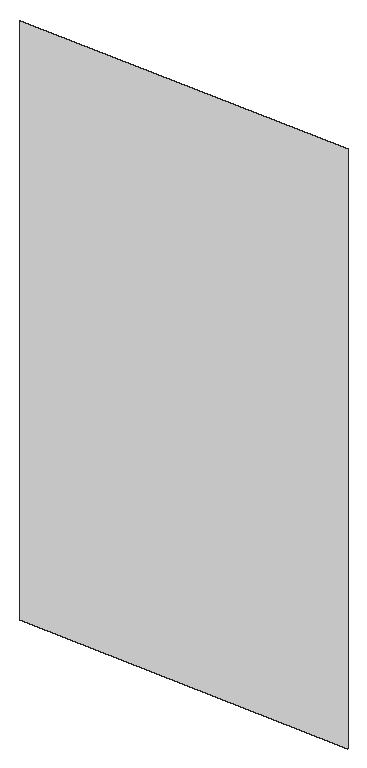
Revit family "M_Tomada-Comunicação", category Iluminação elétrica, Revit 2019
Family settings
  Hospedeiro = Parede
  Manter orientação da anotação = Não
  Cota do conector redondo = Utilizar diâmetro
  Tipo de parte = Normal
  Número OmniClass = 23.80.50.11.11
  Título OmniClass = Receptacle Terminal Units
  ID de item do Seek = Outlet-Communications-0000-CAN-ENU
  Sempre na vertical = Sim
  Corte com vazios quando carregada = Não
  Compartilhado = Não
  Ponto de cálculo do ambiente = Não
Parameters (values of type "CATV")
  Largura = 70 mm
  Altura de montagem = 305 mm
  Legenda = "TV"
  Altura = 115 mm
  Material = Plástico, Branco Opaco
Types (3, lengths in mm): name | Legenda
  CATV | "TV"
  Telefone | "T"
  TeleDados | "TD"
Reference planes
  plane 1: y = 0
  plane 2 "Centro (Esquerda/Direita)": x = 125
  plane 3 "Parte posterior": y = 75
  plane 4: z = 305
  plane 5: x = 90
  plane 6: x = 160
  plane 7: z = 362.5
  plane 8: z = 247.5
  plane 9: y = 80
Forms (mm)
  Blend 1, solid, material "Plástico, Branco Opaco" <- "Material"
    base sketch origin (0, 75, 0) x (1, 0, 0) y (0, 0, 1)
      loop
        line (160, 362.5) -> (90, 362.5) -> (90, 247.5) -> (160, 247.5) -> (160, 362.5)
    top sketch origin (0, 75, 0) x (1, 0, 0) y (0, 0, 1)
      loop
        line (155, 357.5) -> (95, 357.5) -> (95, 252.5) -> (155, 252.5) -> (155, 357.5)
    from 0 to -5
Text (mm)
  text "Lado da colocação" at (0, 1270.507, 3001.832), in view "Esquerda"
  text "Lado da colocação" at (0, 530.812, 2999.686), in view "Direita"
Dimensions and locks
  locked: plane 3 "Parte posterior" to host wall
  "Altura": plane 8 to plane 7
  "Largura": plane 5 to plane 6
  equal spacing: plane 8, plane 4, plane 7
  equal spacing: plane 5, plane 2 "Centro (Esquerda/Direita)", plane 6
  "Altura de montagem": level to plane 4
  plane 3 "Parte posterior" to plane 9 = 5 mm
  aligned and locked: plane 1 to host wall
  aligned and locked: plane 6 to Blend 1 sketch curve
  aligned and locked: Blend 1 sketch curve to plane 7
  aligned and locked: plane 8 to Blend 1 sketch curve
  aligned and locked: plane 5 to Blend 1 sketch curve
  aligned and locked: plane 3 "Parte posterior" to nested 1
  aligned and locked: plane 3 "Parte posterior" to Blend 1
  aligned and locked: Blend 1 to plane 9
  aligned and locked: Blend 1 to plane 3 "Parte posterior"
Automatic sketch dimensions
  Blend 1 sketch curve to plane 5 = 5 mm
  plane 6 to Blend 1 sketch curve = 5 mm
  Blend 1 sketch curve to plane 8 = 5 mm
  plane 7 to Blend 1 sketch curve = 5 mm
Nested families
  nested 1: "Anotação2 tomada" at (125, 75, 0), type "Anotação2 tomada"
Definition of nested family "Anotação2 tomada"
  Parameters
    Legenda = ""
  Reference planes
    plane 1: y = 0
    plane 2: x = 0
  Lines and regions (mm)
    detail lines
      curve 1: line (0, 0.398, 0) -> (0, 2.778, 0)
      curve 2: line (-1.587, 5.953, 0) -> (1.587, 5.953, 0)
      curve 3: line (-1.587, 2.778, 0) -> (-1.587, 5.953, 0)
      curve 4: line (1.587, 2.778, 0) -> (-1.587, 2.778, 0)
      curve 5: line (1.587, 5.953, 0) -> (1.587, 2.778, 0)
  Text (mm)
    label "Legenda" at (-0.001, 4.356, 0), shows "Legenda"
